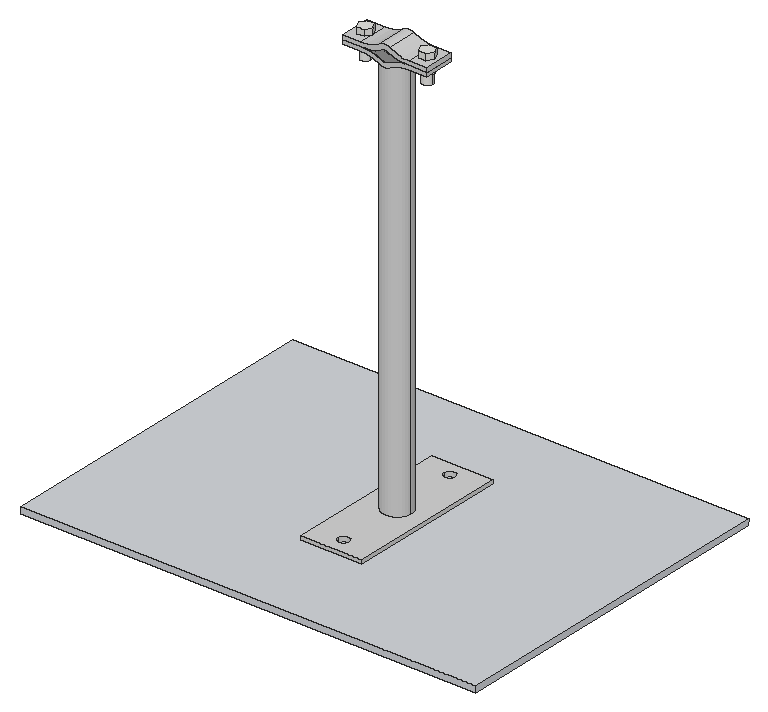
Revit family "КТ-Т015-16", category Оборудование, Revit 2018
Family settings
  Основа = Грань
  Размер круглого соединителя = Использовать диаметр
  Классификация = Нет
  Тип детали = Нормальный
  Номер OmniClass = 23.55.00.00
  Заголовок OmniClass = Manufactured Structures
  При загрузке вырезать с полостями = Нет
  Общий = Да
  Точка расчета площади = Нет
Parameters (values of type "Т001525")
  Спец.ТипМаркаОбозначДокумента [instance] = "КТ-Т015-16"
  Спец.Примечание [instance] = ""
  Спец.Позиция [instance] = ""
  Спец.НаименованиеИТехнХар [instance] = "KT-Т015-16 Кронштейн L-0.40 м для молниеприемников d-16 мм, нержавеющая сталь"
  Спец.МассаТекст [instance] = "0.84"  # constant formula
  Спец.КоличествоДеталей [instance] = 5  # constant formula
  Спец.Количество [instance] = 1  # constant formula
  Спец.КодОборудИзделияМатериала [instance] = "Т001525"
  Спец.Изготовитель [instance] = "АО «ТЭЗИЗ»"  # constant formula
  Спец.ЕдИзм [instance] = "шт."  # constant formula
  Default Elevation = 1219.2 mm
  Мтрл.ТипМатериала = Нержавеющая сталь
  ADSK_Этаж = ""
  ADSK_Примечание = ""
  ADSK_Материал обозначение = ""
  ADSK_Марка = ""
  ADSK_Зона = ""
  ADSK_URL страницы изделия = "http://www.teziz.ru/products.phtml?id=1318"
  ADSK_URL документации изделия = "http://www.teziz.ru/products.phtml?id=1318&p=2"
Reference planes
  plane 1 "По центру (Вперед/Назад)": y = 0
  plane 2: z = 0
  plane 3 "По центру (Влево/Вправо)": x = 0
  plane 4: x = -30
  plane 5: x = 30
  plane 6: y = 80
  plane 7: y = -80
  plane 8: z = 4
  plane 9: y = 15
  plane 10: y = -15
Forms (mm)
  Extrusion 1, solid
    sketch origin (0, 0, 0) x (1, 0, 0) y (0, 1, 0)
      loop
        line (-230, 160) -> (-230, -173.528) -> (216.351, -173.528) -> (216.351, 160) -> (-230, 160)
    from 0 to -6.18
  Extrusion 2, solid, material "Нержавеющая сталь" <- "Мтрл.ТипМатериала"
    sketch origin (0, 0, 0) x (1, 0, 0) y (0, 1, 0)
      loop
        line (-30, 80) -> (-30, -80) -> (30, -80) -> (30, 80) -> (-30, 80)
      loop
        circle (0, 65) r 5.5
      loop
        circle (0, -65) r 5.5
    from 0 to 4
  Extrusion 3, solid, material "Нержавеющая сталь" <- "Мтрл.ТипМатериала"
    sketch origin (0, 0, 0) x (1, 0, 0) y (0, 1, 0)
      loop
        circle (0, 0) r 14
    from 0 to 407
  Extrusion 4, solid, material "Нержавеющая сталь" <- "Мтрл.ТипМатериала"
    sketch origin (0, 0, 138) x (1, 0, 0) y (0, 0, 1)
      loop
        line (-41, 269) -> (-20.616, 269)
        arc (-20.616, 269) -> (-11.187, 270.127) -> (-2.291, 273.445) r 40
        arc (-2.291, 273.445) -> (0, 274) -> (2.291, 273.445) r 5
        arc (2.291, 273.445) -> (11.187, 270.127) -> (20.616, 269) r 40
        line (20.616, 269) -> (41, 269) -> (41, 273) -> (23.749, 273)
        arc (23.749, 273) -> (13.951, 274.219) -> (4.75, 277.8) r 40
        arc (4.75, 277.8) -> (0, 279) -> (-4.75, 277.8) r 10
        arc (-4.75, 277.8) -> (-13.951, 274.219) -> (-23.749, 273) r 40
        line (-23.749, 273) -> (-41, 273) -> (-41, 269)
    from -15 to 15
  Extrusion 5, solid, material "Нержавеющая сталь" <- "Мтрл.ТипМатериала"
    sketch origin (0, 0, 676) x (1, 0, 0) y (0, 0, 1)
      loop
        line (-41, -269) -> (-41, -273) -> (-23.749, -273)
        arc (-23.749, -273) -> (-13.951, -274.219) -> (-4.75, -277.8) r 40
        arc (-4.75, -277.8) -> (0, -279) -> (4.75, -277.8) r 10
        arc (4.75, -277.8) -> (13.951, -274.219) -> (23.749, -273) r 40
        line (23.749, -273) -> (41, -273) -> (41, -269) -> (20.616, -269)
        arc (20.616, -269) -> (11.187, -270.127) -> (2.291, -273.445) r 40
        arc (2.291, -273.445) -> (0, -274) -> (-2.291, -273.445) r 5
        arc (-2.291, -273.445) -> (-11.187, -270.127) -> (-20.616, -269) r 40
        line (-20.616, -269) -> (-41, -269)
    from -15 to 15
  Extrusion 6, void
    sketch origin (0, 0, 0) x (1, 0, 0) y (0, 0, 1)
      loop
        arc (-14, 401.794) -> (-9.263, 400.285) -> (-4.75, 398.2) r 40
        arc (-4.75, 398.2) -> (0, 397) -> (4.75, 398.2) r 10
        arc (4.75, 398.2) -> (9.263, 400.285) -> (14, 401.794) r 40
        line (14, 401.794) -> (14, 407) -> (-14, 407) -> (-14, 401.794)
    from -15 to 15
  Extrusion 7, void
    sketch origin (-41, 0, 411) x (0, 1, 0) y (1, 0, 0)
      loop
        circle (0, 10.722) r 5.5
      loop
        circle (0, 71.278) r 5.5
    from 0 to 8
  Extrusion 8, solid, material "Сталь болтовая"
    sketch origin (0, 0, 0) x (1, 0, 0) y (0, 1, 0)
      loop
        circle (-30.278, 0) r 5
      loop
        circle (30.278, 0) r 5
    from 388.168 to 411
  Extrusion 9, solid, material "Сталь болтовая"
    sketch origin (0, 0, 0) x (1, 0, 0) y (0, 1, 0)
      loop
        line (-26.719, -6.165) -> (-23.159, 0) -> (-26.719, 6.165) -> (-33.837, 6.165) -> (-37.397, 0) -> (-33.837, -6.165) -> (-26.719, -6.165)
      loop
        line (26.719, -6.165) -> (33.837, -6.165) -> (37.397, 0) -> (33.837, 6.165) -> (26.719, 6.165) -> (23.159, 0) -> (26.719, -6.165)
    from 411 to 417.004
  Extrusion 10, solid, material "Сталь болтовая"
    sketch origin (0, 0, -53.698) x (1, 0, 0) y (0, 1, 0)
      loop
        line (-26.719, -6.165) -> (-23.159, 0) -> (-26.719, 6.165) -> (-33.837, 6.165) -> (-37.397, 0) -> (-33.837, -6.165) -> (-26.719, -6.165)
      loop
        line (26.719, -6.165) -> (33.837, -6.165) -> (37.397, 0) -> (33.837, 6.165) -> (26.719, 6.165) -> (23.159, 0) -> (26.719, -6.165)
      loop
        circle (-30.278, 0) r 5
      loop
        circle (30.278, 0) r 5
    from 451.202 to 455.698
  Extrusion 11, solid
    sketch origin (0, 0, 0) x (1, 0, 0) y (0, 1, 0)
      loop
        circle (-30.278, 0) r 6.636
      loop
        circle (-30.278, 0) r 5
      loop
        circle (30.278, 0) r 6.636
      loop
        circle (30.278, 0) r 5
    from 402 to 403
  Extrusion 12, solid, material "Прозрачный элемент"
    sketch origin (0, -15, 676) x (1, 0, 0) y (0, 0, 1)
      loop
        arc (-20.616, -269) -> (-11.187, -270.127) -> (-2.291, -273.445) r 40
        arc (-2.291, -273.445) -> (0, -274) -> (2.291, -273.445) r 5
        arc (2.291, -273.445) -> (11.187, -270.127) -> (20.616, -269) r 40
        arc (20.616, -269) -> (11.187, -267.873) -> (2.291, -264.556) r 40
        arc (2.291, -264.556) -> (0, -264) -> (-2.291, -264.556) r 5
        arc (-2.291, -264.556) -> (-11.187, -267.873) -> (-20.616, -269) r 40
    from -30 to 0
Cuts and joins
  Extrusion 6, Extrusion 7 cuts Extrusion 3
  Extrusion 7 cuts Extrusion 5
  joined: Extrusion 3, Extrusion 5
  Extrusion 7 cuts Extrusion 4
Lines and regions (mm)
  model lines, style "InvisibleLines"
    curve 1: line (0, -15, 412) -> (0, -15, 402)
    curve 2: line (-20.616, -15, 407) -> (20.616, -15, 407)
    curve 3: line (0, 15, 412) -> (0, 15, 402)
    curve 4: line (-20.616, 15, 407) -> (20.616, 15, 407)
Dimensions and locks
  plane 8 to plane 2 = 4 mm
  equal spacing: plane 4, plane 3 "По центру (Влево/Вправо)", plane 5
  equal spacing: plane 6, plane 1 "По центру (Вперед/Назад)", plane 7
  equal spacing: plane 9, plane 1 "По центру (Вперед/Назад)", plane 10
  plane 6 to Extrusion 2 sketch curve = 15 mm
  Extrusion 5 to level = 407 mm
  cut or joined group of Extrusion 4, Extrusion 7 to Extrusion 7 sketch curve = 10.722 mm
  aligned and locked: plane 2 to Extrusion 1
  aligned and locked: level to Extrusion 1
  aligned and locked: Extrusion 2 sketch curve to plane 6
  aligned and locked: plane 4 to Extrusion 2 sketch curve
  aligned and locked: Extrusion 2 sketch curve to plane 7
  aligned and locked: Extrusion 2 sketch curve to plane 5
  aligned and locked: plane 8 to Extrusion 2
  aligned and locked: plane 9 to Extrusion 4
  aligned and locked: plane 10 to Extrusion 4
  aligned and locked: plane 9 to Extrusion 5
  aligned and locked: plane 10 to Extrusion 5
  aligned and locked: plane 9 to Extrusion 6
  aligned and locked: plane 10 to Extrusion 6
  aligned and locked: Extrusion 12 to cut or joined group of Extrusion 3, Extrusion 5, Extrusion 6, Extrusion 7
  aligned and locked: cut or joined group of Extrusion 3, Extrusion 5, Extrusion 6, Extrusion 7 to Extrusion 12
Automatic sketch dimensions
  Extrusion 1 sketch curve to Extrusion 1 sketch curve = 446.351 mm
  Extrusion 1 sketch curve to Extrusion 1 sketch curve = 333.528 mm
  Extrusion 2 sketch curve to plane 3 "По центру (Влево/Вправо)" = 0 mm  (x2)
  Extrusion 2 sketch curve to plane 7 = 15 mm
  plane 1 "По центру (Вперед/Назад)" to Extrusion 3 sketch curve = 0 mm
  Extrusion 3 sketch curve to plane 3 "По центру (Влево/Вправо)" = 0 mm
  Extrusion 4 sketch curve to Extrusion 4 sketch curve = 0 mm  (x6)
  Extrusion 4 sketch curve to plane 3 "По центру (Влево/Вправо)" = 0 mm
  plane 4 to Extrusion 4 sketch curve = 9.384 mm
  Extrusion 4 sketch curve to Extrusion 4 sketch curve = 3.133 mm  (x2)
  Extrusion 4 sketch curve to plane 4 = 11 mm
  Extrusion 4 sketch curve to plane 5 = 9.384 mm
  plane 5 to Extrusion 4 sketch curve = 11 mm
  plane 8 to Extrusion 4 sketch curve = 403 mm
  Extrusion 4 sketch curve to Extrusion 4 sketch curve = 4 mm  (x4)
  Extrusion 4 sketch curve to Extrusion 4 sketch curve = 36 mm  (x2)
  Extrusion 5 sketch curve to Extrusion 5 sketch curve = 0 mm  (x6)
  Extrusion 5 sketch curve to plane 3 "По центру (Влево/Вправо)" = 0 mm
  Extrusion 5 sketch curve to plane 4 = 9.384 mm
  Extrusion 5 sketch curve to Extrusion 5 sketch curve = 3.133 mm  (x2)
  plane 4 to Extrusion 5 sketch curve = 11 mm
  plane 5 to Extrusion 5 sketch curve = 9.384 mm
  Extrusion 5 sketch curve to plane 5 = 11 mm
  Extrusion 5 sketch curve to plane 8 = 403 mm
  Extrusion 5 sketch curve to Extrusion 5 sketch curve = 4 mm  (x4)
  Extrusion 5 sketch curve to Extrusion 5 sketch curve = 36 mm  (x2)
  Extrusion 6 sketch curve to plane 3 "По центру (Влево/Вправо)" = 0 mm
  Extrusion 6 sketch curve to Extrusion 6 sketch curve = 14 mm
  plane 4 to Extrusion 6 sketch curve = 6.251 mm
  plane 3 "По центру (Влево/Вправо)" to Extrusion 6 sketch curve = 14 mm
  Extrusion 6 sketch curve to plane 5 = 6.251 mm
  plane 8 to Extrusion 6 sketch curve = 359 mm
  Extrusion 6 sketch curve to Extrusion 6 sketch curve = 0 mm  (x4)
  Extrusion 6 sketch curve to Extrusion 6 sketch curve = 38.794 mm
  Extrusion 6 sketch curve to Extrusion 6 sketch curve = 5.206 mm
  Extrusion 4 to Extrusion 7 sketch curve = 15 mm  (x2)
  Extrusion 7 sketch curve to Extrusion 4 = 54.027 mm
  plane 1 "По центру (Вперед/Назад)" to Extrusion 8 sketch curve = 0 mm  (x2)
  Extrusion 8 sketch curve to plane 4 = 0.278 mm
  plane 5 to Extrusion 8 sketch curve = 0.278 mm
  plane 1 "По центру (Вперед/Назад)" to Extrusion 9 sketch curve = 0 mm  (x4)
  Extrusion 9 sketch curve to plane 4 = 7.397 mm
  Extrusion 9 sketch curve to plane 4 = 3.837 mm  (x2)
  plane 4 to Extrusion 9 sketch curve = 3.281 mm  (x2)
  plane 4 to Extrusion 9 sketch curve = 6.841 mm
  Extrusion 9 sketch curve to plane 5 = 6.841 mm
  Extrusion 9 sketch curve to plane 5 = 3.281 mm  (x2)
  plane 5 to Extrusion 9 sketch curve = 3.837 mm  (x2)
  Extrusion 9 sketch curve to Extrusion 9 sketch curve = 3.559 mm
  plane 1 "По центру (Вперед/Назад)" to Extrusion 9 sketch curve = 6.165 mm  (x2)
  Extrusion 9 sketch curve to plane 1 "По центру (Вперед/Назад)" = 6.165 mm  (x2)
  plane 1 "По центру (Вперед/Назад)" to Extrusion 10 sketch curve = 0 mm  (x6)
  Extrusion 10 sketch curve to plane 4 = 7.397 mm
  Extrusion 10 sketch curve to plane 4 = 3.837 mm  (x2)
  plane 4 to Extrusion 10 sketch curve = 3.281 mm  (x2)
  plane 4 to Extrusion 10 sketch curve = 6.841 mm
  Extrusion 10 sketch curve to plane 5 = 6.841 mm
  Extrusion 10 sketch curve to plane 5 = 3.281 mm  (x2)
  plane 5 to Extrusion 10 sketch curve = 3.837 mm  (x2)
  Extrusion 10 sketch curve to Extrusion 10 sketch curve = 3.559 mm
  plane 1 "По центру (Вперед/Назад)" to Extrusion 10 sketch curve = 6.165 mm  (x2)
  Extrusion 10 sketch curve to plane 1 "По центру (Вперед/Назад)" = 6.165 mm  (x2)
  Extrusion 10 sketch curve to plane 4 = 0.278 mm
  Extrusion 10 sketch curve to Extrusion 10 sketch curve = 2.119 mm  (x2)
  Extrusion 10 sketch curve to Extrusion 10 sketch curve = 0 mm  (x2)
  plane 5 to Extrusion 10 sketch curve = 0.278 mm
  Extrusion 11 sketch curve to Extrusion 11 sketch curve = 0 mm  (x4)
  plane 1 "По центру (Вперед/Назад)" to Extrusion 11 sketch curve = 0 mm  (x2)
  Extrusion 11 sketch curve to plane 4 = 0.278 mm
  plane 5 to Extrusion 11 sketch curve = 0.278 mm
  curve 2 to Extrusion 5 = 0 mm
  Extrusion 5 to curve 2 = 20.384 mm  (x2)
  curve 1 to Extrusion 5 = 1 mm
  curve 2 to curve 1 = 20.616 mm
  curve 1 to Extrusion 5 = 5 mm
  curve 4 to Extrusion 4 = 0 mm
  Extrusion 4 to curve 4 = 20.384 mm  (x2)
  curve 3 to Extrusion 4 = 5 mm
  curve 4 to curve 3 = 20.616 mm
  curve 3 to Extrusion 4 = 1 mm
  Extrusion 12 sketch curve to Extrusion 5 = 0 mm  (x3)
  Extrusion 5 to Extrusion 12 sketch curve = 20.384 mm  (x3)
  Extrusion 12 sketch curve to Extrusion 12 sketch curve = 40 mm
  Extrusion 12 sketch curve to Extrusion 5 = 4.444 mm
  Extrusion 12 sketch curve to Extrusion 5 = 0.444 mm
  radius of Extrusion 2 sketch curve = 5.5 mm  (x2)
  radius of Extrusion 3 sketch curve = 14 mm
  radius of Extrusion 7 sketch curve = 5.5 mm  (x2)
  radius of Extrusion 8 sketch curve = 5 mm  (x2)
  radius of Extrusion 11 sketch curve = 6.636 mm  (x2)
  radius of Extrusion 11 sketch curve = 5 mm  (x2)
  radius of Extrusion 12 sketch curve to Extrusion 5 = 0 mm  (x3)
